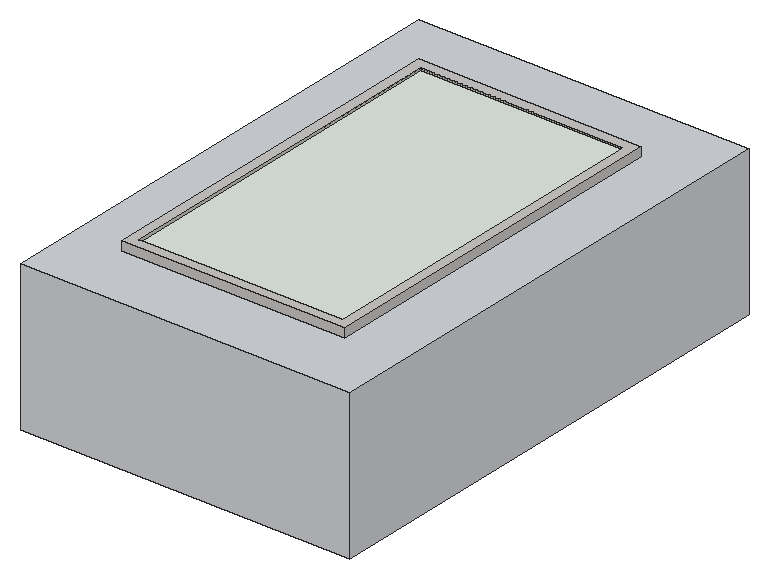
Revit family
Parameters
  Width = 18"
  Warranty Information = "Complete unit, excepting mirrors warranted for one year.\r\n Stainless steel mirror frames for fifteen years.\r\n Plate glass mirrors for fifteen years.\r\n This warranty does not cover installation or any other labor charges and does not apply to any units,\r\n which have been damaged by accident, abuse, improper installation, improper maintenance, or altered in any way."
  Version = "1.0"
  URL = "http://www.bradleycorp.com/"
  Type Comments = "ERROR - If you are able to see this message you haven't loaded this  family correctly."
  Reflective Material = Glass - Bradley Corp - BradEX - Polished Float Mirror
  OmniClass Title = "Mirrors"
  OmniClass Code = "23.40.95.17.17"
  Modeling Code = ""
  Model = "ERROR - If you are able to see this message you haven't loaded this  family correctly."
  MasterFormat Title = "Commercial Toilet Accessories"
  MasterFormat Number = "10 28 13. 13"
  Manufacturer = "Bradley Corporation"
  Industry Standards = "ASTM C 1036"
  Height = 30"
  Fire Rating = "n/a"
  Description = "ERROR - If you are able to see this message you haven't loaded this  family correctly."
  Depth = 3/4"
  Default Elevation = 40"
  Copyright = "This Model Data is Property of Bradley Corporation"
  Frame Material = Bradley Corp Stainless Steel - Satin
  Buy American Act = "Yes"
  Assembly Code = "C1030900"
  ADA Compliant = "Yes"
Reference planes (in)
  plane 1 "Center (Front/Back)": y = 0
  plane 2: z = 0
  plane 3 "Center (Left/Right)": x = 0
  plane 4 "Top": y = 15
  plane 5 "Right": x = 9
  plane 6 "Bottom": y = -15
  plane 7 "Left": x = -9
  plane 8 "Front": z = 0.75
  plane 9 "Center (Elevation)": y = -14.25
Forms (in)
  Extrusion 1, solid
    sketch origin (0, 0, 0) x (1, 0, 0) y (0, 1, 0)
      loop
        line (-13, 20) -> (-13, -20.31504) -> (13.70817, -20.31504) -> (13.70817, 20) -> (-13, 20)
    from 0 to -12
  Extrusion 2, solid, material "Bradley Corp Stainless Steel - Satin" <- "Frame Material"
    sketch origin (0, 0, 0.5) x (0, 1, 0) y (-1, 0, 0)
      loop
        line (15, 9) -> (-15, 9) -> (-15, -9) -> (15, -9) -> (15, 9)
    from -0.5 to 0.25 <- "Depth"
  Extrusion 3, void
    sketch origin (0, 0, 0.375) x (-1, 0, 0) y (0, -1, 0)
      loop
        line (8.25, 14.25) -> (-8.25, 14.25) -> (-8.25, -14.25) -> (8.25, -14.25) -> (8.25, 14.25)
    from 0 to 0.375
  Extrusion 4, solid, material "Glass - Bradley Corp - BradEX - Polished Float Mirror" <- "Reflective Material"
    sketch origin (0, 0, 0.75) x (-1, 0, 0) y (0, -1, 0)
      loop
        line (8.25, -14.25) -> (8.25, 14.25) -> (-8.25, 14.25) -> (-8.25, -14.25) -> (8.25, -14.25)
    from -0.375 to -0.1875
Cuts and joins
  Extrusion 3 cuts Extrusion 2
Dimensions and locks (in)
  "Height": plane 6 "Bottom" to plane 4 "Top"
  equal spacing: plane 6 "Bottom", plane 1 "Center (Front/Back)", plane 4 "Top"
  "Width": plane 7 "Left" to plane 5 "Right"
  equal spacing: plane 7 "Left", plane 3 "Center (Left/Right)", plane 5 "Right"
  "Depth": plane 8 "Front" to plane 2
  locked: plane 6 "Bottom" to plane 9 "Center (Elevation)" at 0.75
  plane 8 "Front" to Extrusion 3 to plane 2 = 3/8" locked, 3/8" locked
  "Depth": plane 7 "Left" to Extrusion 4 sketch curve
  "Depth": Extrusion 4 sketch curve to plane 5 "Right"
  "Depth": Extrusion 4 sketch curve to plane 4 "Top"
  "Depth": Extrusion 4 sketch curve to plane 6 "Bottom"
  locked: plane 8 "Front" to Extrusion 4 at 0.1875
  aligned and locked: plane 2 to Extrusion 1
  aligned and locked: level to Extrusion 1
  aligned and locked: plane 7 "Left" to Extrusion 2 sketch curve
  aligned and locked: Extrusion 2 sketch curve to plane 4 "Top"
  aligned and locked: plane 6 "Bottom" to Extrusion 2 sketch curve
  aligned and locked: Extrusion 2 sketch curve to plane 5 "Right"
  aligned and locked: Extrusion 2 to plane 2
  aligned and locked: plane 8 "Front" to Extrusion 2
  aligned and locked: Extrusion 4 to cut or joined group of Extrusion 2, Extrusion 3
Automatic sketch dimensions
  Extrusion 1 sketch curve to Extrusion 1 sketch curve = 26.70817"
  Extrusion 1 sketch curve to Extrusion 1 sketch curve = 40.31504"
  Extrusion 3 sketch curve to plane 9 "Center (Elevation)" = 0"
  Extrusion 3 sketch curve to plane 5 "Right" = 3/4"
  Extrusion 3 sketch curve to plane 7 "Left" = 3/4"
  Extrusion 3 sketch curve to plane 4 "Top" = 3/4"
